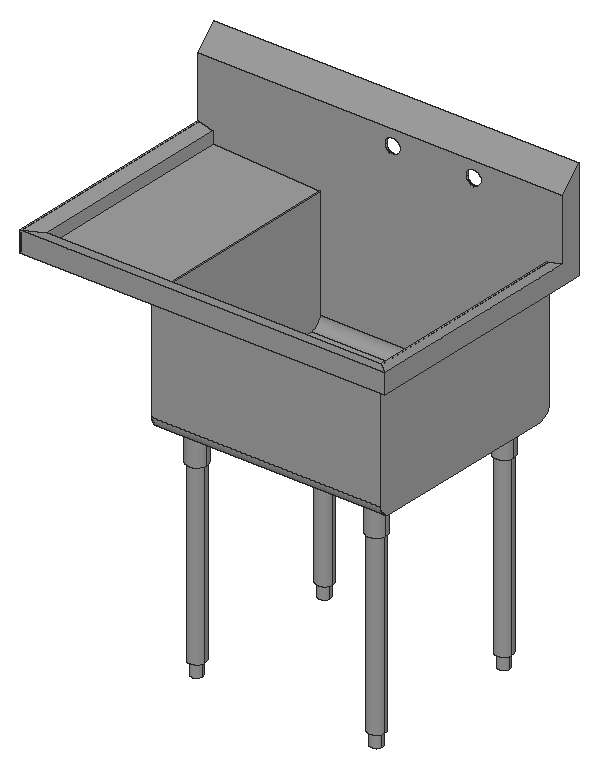
Revit family "equip-sink-elkay-weldbilt-S-DB-L", category Plumbing Fixtures, Revit 2019
Family settings
  Round Connector Dimension = Use Diameter
  Part Type = Normal
  Work Plane-Based = No
  Always vertical = Yes
  Cut with Voids When Loaded = No
  Shared = No
  Room Calculation Point = No
Parameters (values of type "ByType")
  Width = 2' - 0"
  URL = "http://www.elkayusa.com/cps/rde/xchg/elkay/hs.xsl/Default.aspx"
  Specification URL = "http://www.elkayusa.com/cps/rde/xbcr/elkay/04-05H_WELDBILT_SINGLE_SCULLERY.pdf"
  Model Number = ""
  Model = "Weldbilt"
  Manufacturer = "Elkay Manufacturer"
  Length = 3' - 0"
  Installation URL = "http://www.elkayusa.com/cps/rde/xbcr/elkay/74180084.pdf"
  Hidden Width = if(Compartment Width > 0' 11", Width, (Backsplash Width + Sink Rim Front Width + Compartment Width))  # 2' - 0"
  Sink Material = Metal - Steel - Stainless - Chrome
  Hidden Drainboard Left = if(Drainboard Left > 0' 2", Drainboard Left, 0' 2")  # 1' - 0"
  Hidden Compartment Length = Length - Drainboard Left  # 2' - 0"
  Drainboard Left = 1' - 0"
  Sink Rim Side Left Width = 0' - 1 1/2"  # constant formula
  Hidden Compartment Width = Width - Sink Rim Front Width - Backsplash Width  # 1' - 8 1/2"
  Description = "Weldbilt Single Compartment Scullery Sinks, Left Drainboard"
  Compartment Length = if(Hidden Compartment Length > 0' 8 1/2", Hidden Compartment Length, 0' 8 1/2")  # 2' - 0"
  Hidden Length = if(Compartment Length > 0' 8 1/2", Length, (Drainboard Left + Compartment Length))  # 3' - 0"
  Sink Rim Side Right Width = 0' - 1 1/2"  # constant formula
  Sink Rim Front Width = 0' - 1 1/2"  # constant formula
  Backsplash Width = 0' - 2"  # constant formula
  Sink Drain Location = Compartment Width / 2  # 0' - 10 1/4"
  Compartment Depth = 1' - 2"
  Compartment Width = if(Hidden Compartment Width > 0' 11", Hidden Compartment Width, 0' 11")  # 1' - 8 1/2"
  Rim Height = 3' - 0"
  Hole 1 to 2 = 0' - 8"
  Hole 1 From CL = 0' - 4"
  Faucet CL from Top Backsplash = 0' - 3 1/2"
  Backsplash Height = 0' - 8"
Reference planes (in)
  plane 1 "CL Sink Hole": y = 0
  plane 2 "Bottom": z = 0
  plane 3 "Compartment Center": x = 0
  plane 4 "Basin Edge Left": x = -11.25
  plane 5 "Basin Edge Right": x = 11.25
  plane 6 "Basin Edge Back": y = 10.25
  plane 7 "Basin Edge Front": y = -10.25
  plane 8 "Left": x = -23.25
  plane 9 "Right": x = 12.75
  plane 10 "Back": y = 12.25
  plane 11 "Front": y = -11.75
  plane 12 "Sink Bowl Bottom (Top Face)": z = 22
  plane 13 "Sink Bowl Bottom (Bottom Face)": z = 21.875
  plane 14 "Sink Bottom Piece Back Edge": y = 9.25
  plane 15 "Sink Bottom Piece Front Edge": y = -9.25
  plane 16 "Center (Front/Back)": y = 0
  plane 17 "Sink Rim Top": z = 36
  plane 18 "Sink Bowl Bottom Radius Top Tangent": z = 23
  plane 19 "Sink Rim Inside Lower Edge": z = 35.59808
  plane 20: z = 44
  plane 21 "Backsplash Angle": z = 42
  plane 22 "Backsplash Side Piece Front": y = 10.375
  plane 23 "Backsplash Side Piece Top": z = 43.82322
  plane 24 "Backsplash Side Piece Angle": z = 41.94822
  plane 25 "Backsplash Side Piece Bottom": z = 34
  plane 26 "Backsplash Side Right Piece Inside Edge": x = 12.6875
  plane 27 "Backsplash Side Left Piece Inside Edge": x = -23.1875
  plane 28 "Basin Edge Right Outside Face": x = 11.3125
  plane 29 "Basin Edge Left Outside Face": x = -11.3125
  plane 30 "Faucet Hole CL Elev": z = 40.5
  plane 31 "CL Faucet Hole Left": x = -4
  plane 32 "CL Faucet Hole Right": x = 4
  plane 33 "Leg Left CL": x = -8.875
  plane 34 "Leg Front CL": y = -7.875
  plane 35: z = 18.825
  plane 36: z = 1.3125
  plane 37 "Leg Right CL": x = 8.875
  plane 38 "Leg Back CL": y = 7.875
  plane 39 "Drainboard Lower Top Face": z = 34
  plane 40 "Drainboard Upper Top Face": z = 34.5
  plane 41: x = -21.75
  plane 42 "Center (Left/Right)": x = -5.25
  plane 43 "Basin Edge Back Outside": y = 10.375
  plane 44 "Basin Edge Front Outside": y = -10.375
Forms (in)
  Sweep 1, solid, material "Metal - Steel - Stainless - Chrome" <- "Sink Material"
    path origin (0, 0, 36) x (0, -1, 0) y (1, 0, 0)
      loop
        line (-10.25, 12.75) -> (11.75, 12.75) -> (11.75, -11.25)
    profile "profile-weldbilt-rim : profile-weldbilt-rim" origin (0.75, -11.75, 36) x (0, -1, 0) y (0, 0, 1)
      loop
        line (-1.5, -0.40192) -> (-1.41389, -0.45164) -> (-0.07031, -0.09163) -> (-0.07031, -1.94605) -> (-0.42259, -2.04044) -> (-0.42259, -2.11323) -> (0, -2) -> (0, 0) -> (-1.5, -0.40192)
  Extrusion 2, solid, material "Metal - Steel - Stainless - Chrome" <- "Sink Material"
    sketch origin (0, 0, 0) x (0, 1, 0) y (0, 0, 1)
      loop
        line (-10.375, 35.59808) -> (-10.375, 23)
        arc (-10.375, 23) -> (-10.0455, 22.2045) -> (-9.25, 21.875) r 1.125
        line (-9.25, 21.875) -> (9.25, 21.875)
        arc (9.25, 21.875) -> (10.0455, 22.2045) -> (10.375, 23) r 1.125
        line (10.375, 23) -> (10.375, 34) -> (10.25, 34) -> (10.25, 23)
        arc (10.25, 23) -> (9.95711, 22.29289) -> (9.25, 22) r 1
        line (9.25, 22) -> (-9.25, 22)
        arc (-9.25, 22) -> (-9.95711, 22.29289) -> (-10.25, 23) r 1
        line (-10.25, 23) -> (-10.25, 35.59808) -> (-10.375, 35.59808)
    from -11.25 to 11.25
  Extrusion 3, solid, material "Metal - Steel - Stainless - Chrome" <- "Sink Material"
    sketch origin (0, 0, 0) x (0, 1, 0) y (0, 0, 1)
      loop
        line (10.25, 42) -> (10.25, 34) -> (10.375, 34) -> (10.375, 41.94822) -> (12.25, 43.82322) -> (12.25, 44) -> (10.25, 42)
    from -23.25 to 12.75
  Extrusion 4, solid, material "Metal - Steel - Stainless - Chrome" <- "Sink Material"
    sketch origin (12.75, 0, 0) x (0, 1, 0) y (0, 0, 1)
      loop
        line (12.25, 43.82322) -> (10.375, 41.94822) -> (10.375, 34) -> (12.25, 34) -> (12.25, 43.82322)
    from -0.0625 to 0
  Extrusion 5, solid, material "Metal - Steel - Stainless - Chrome" <- "Sink Material"
    sketch origin (-18, 0, 0) x (0, 1, 0) y (0, 0, 1)
      loop
        line (12.25, 43.82322) -> (10.375, 41.94822) -> (10.375, 34) -> (12.25, 34) -> (12.25, 43.82322)
    from -5.25 to -5.1875
  Extrusion 6, solid, material "Metal - Steel - Stainless - Chrome" <- "Sink Material"
    sketch origin (11.25, 0, 0) x (0, 1, 0) y (0, 0, 1)
      loop
        line (-10.375, 35.59808) -> (-10.375, 23)
        arc (-10.375, 23) -> (-10.0455, 22.2045) -> (-9.25, 21.875) r 1.125
        line (-9.25, 21.875) -> (9.25, 21.875)
        arc (9.25, 21.875) -> (10.0455, 22.2045) -> (10.375, 23) r 1.125
        line (10.375, 23) -> (10.375, 35.59808) -> (-10.375, 35.59808)
    from 0 to 0.0625
  Extrusion 7, solid, material "Metal - Steel - Stainless - Chrome" <- "Sink Material"
    sketch origin (-11.25, 0, 0) x (0, 1, 0) y (0, 0, 1)
      loop
        line (10.375, 34) -> (-10.375, 34) -> (-10.375, 23)
        arc (-10.375, 23) -> (-10.0455, 22.2045) -> (-9.25, 21.875) r 1.125
        line (-9.25, 21.875) -> (9.25, 21.875)
        arc (9.25, 21.875) -> (10.0455, 22.2045) -> (10.375, 23) r 1.125
        line (10.375, 23) -> (10.375, 34)
    from -0.0625 to 0
  Extrusion 8, void
    sketch origin (0, 0, 0) x (1, 0, 0) y (0, 0, 1)
      loop
        circle (-4, 40.5) r 0.75
    from -10.375 to -10.25
  Extrusion 9, void
    sketch origin (0, 0, 0) x (1, 0, 0) y (0, 0, 1)
      loop
        circle (4, 40.5) r 0.75
    from -10.375 to -10.25
  Extrusion 10, void
    sketch origin (-45.27944, 78.60934, 0) x (1, 0, 0) y (0, 1, 0)
      loop
        circle (45.27944, -78.60934) r 2.375
    from 21.875 to 22
  Revolve 11, solid, material "Metal - Steel - Stainless - Chrome" <- "Sink Material"
    sketch origin (0, -7.875, 0) x (-1, 0, 0) y (0, 0, 1)
      loop
        line (9.6875, 18.825) -> (9.845, 18.825) -> (9.845, 21.875) -> (8.875, 21.875) -> (8.875, 0) -> (9.4375, 0) -> (9.4375, 1.3125) -> (9.6875, 1.3125) -> (9.6875, 18.825)
      axis (8.875, 21.875) -> (8.875, 0)
    angle from 0 to 360
  Revolve 12, solid, material "Metal - Steel - Stainless - Chrome" <- "Sink Material"
    sketch origin (0, -7.875, 0) x (-1, 0, 0) y (0, 0, 1)
      loop
        line (-9.6875, 18.825) -> (-9.6875, 1.3125) -> (-9.4375, 1.3125) -> (-9.4375, 0) -> (-8.875, 0) -> (-8.875, 21.875) -> (-9.845, 21.875) -> (-9.845, 18.825) -> (-9.6875, 18.825)
      axis (-8.875, 21.875) -> (-8.875, 0)
    angle from 0 to 360
  Revolve 13, solid, material "Metal - Steel - Stainless - Chrome" <- "Sink Material"
    sketch origin (0, 7.875, 0) x (-1, 0, 0) y (0, 0, 1)
      loop
        line (-9.6875, 18.825) -> (-9.6875, 1.3125) -> (-9.4375, 1.3125) -> (-9.4375, 0) -> (-8.875, 0) -> (-8.875, 21.875) -> (-9.845, 21.875) -> (-9.845, 18.825) -> (-9.6875, 18.825)
      axis (-8.875, 21.875) -> (-8.875, 0)
    angle from 0 to 360
  Revolve 14, solid, material "Metal - Steel - Stainless - Chrome" <- "Sink Material"
    sketch origin (0, 7.875, 0) x (-1, 0, 0) y (0, 0, 1)
      loop
        line (8.0625, 18.825) -> (8.0625, 1.3125) -> (8.3125, 1.3125) -> (8.3125, 0) -> (8.875, 0) -> (8.875, 21.875) -> (7.905, 21.875) -> (7.905, 18.825) -> (8.0625, 18.825)
      axis (8.875, 21.875) -> (8.875, 0)
    angle from 0 to 360
  Sweep 15, solid, material "Metal - Steel - Stainless - Chrome" <- "Sink Material"
    path origin (0, 0, 22) x (-1, 0, 0) y (0, -1, 0)
      loop
        circle (0, 0) r 2.375
    profile "profile-elkay-sink-hole-1 : profile-elkay-sink-hole-1" origin (0, -2.375, 22) x (0, 1, 0) y (0, 0, 1)
      loop
        arc (0.10775, -0.05529) -> (0.06053, -0.01467) -> (0, 0) r 0.133
        line (0, 0) -> (0, -0.07422)
        arc (0, -0.07422) -> (0.0267, -0.08072) -> (0.04752, -0.09865) r 0.05878
        line (0.04752, -0.09865) -> (0.12152, -0.20143) -> (0.5715, -0.40832) -> (0.5715, -0.32577) -> (0.16939, -0.14089) -> (0.10775, -0.05529)
  Extrusion 16, solid, material "Metal - Steel - Stainless - Chrome" <- "Sink Material"
    sketch origin (0, 0, 0) x (1, 0, 0) y (0, 0, 1)
      loop
        line (-21.75, 34.5) -> (-21.75, 34.4257) -> (-11.25, 33.9257) -> (-11.25, 34) -> (-21.75, 34.5)
    from -10.25 to 10.25
  Sweep 17, solid, material "Metal - Steel - Stainless - Chrome" <- "Sink Material"
    path origin (0, 0, 36) x (0, -1, 0) y (1, 0, 0)
      loop
        line (-10.25, -23.25) -> (11.75, -23.25) -> (11.75, -11.25)
    profile "profile-weldbilt-rim-db : profile-weldbilt-rim-db" origin (-23.25, -0.75, 36) x (1, 0, 0) y (0, 0, 1)
      loop
        line (1.5, -0.40192) -> (0, 0) -> (0, -2) -> (0.42259, -2.11323) -> (0.42259, -2.04044) -> (0.07031, -1.94605) -> (0.07031, -0.09163) -> (1.4375, -0.45797) -> (1.4375, -2) -> (1.5, -2) -> (1.5, -0.40192)
Cuts and joins
  Extrusion 10 cuts Extrusion 2
  Extrusion 8, Extrusion 9 cuts Extrusion 3
  Extrusion 10 cuts Extrusion 6
  joined: Sweep 1, Extrusion 2, Extrusion 3, Extrusion 4, Extrusion 5, Extrusion 6, Extrusion 7, Sweep 17
Lines and regions (in)
  Masking region 1
    outline origin (0, 0, 0) x (1, 0, 0) y (0, 1, 0)
      loop
        line (-23.25, 12.25) -> (-23.25, -11.75) -> (12.75, -11.75) -> (12.75, 12.25) -> (-23.25, 12.25)
  reference lines
    curve 1: arc (0, -9.25, 22) -> (0, -9.95711, 22.29289) -> (0, -10.25, 23) r 1
    curve 2: arc (0, 10.25, 23) -> (0, 9.95711, 22.29289) -> (0, 9.25, 22) r 1
    curve 3: line (-8.875, -7.875, 21.875) -> (-8.875, -7.875, 0)
    curve 4: line (8.875, -7.875, 22) -> (8.875, -7.875, 0)
    curve 5: line (8.875, 7.875, 21.875) -> (8.875, 7.875, 0)
    curve 6: line (-8.875, 7.875, 21.875) -> (-8.875, 7.875, 0)
    curve 15: line (-11.25, 0, 34) -> (-21.75, 0, 34.5)
    curve 16: line (-11.25165, 0, 33.92578) -> (-21.75165, 0, 34.42578)
    curve 18: arc (0, -9.25, 21.875) -> (0, -10.0455, 22.2045) -> (0, -10.375, 23) r 1.125
    curve 19: arc (0, 10.375, 23) -> (0, 10.0455, 22.2045) -> (0, 9.25, 21.875) r 1.125
  symbolic lines
    curve 7: line (-23.25, 10.25, 0) -> (12.75, 10.25, 0)
    curve 8: line (-11.25, -10.25, 0) -> (-11.25, 10.25, 0)
    curve 9: line (11.25, -10.25, 0) -> (-21.75, -10.25, 0)
    curve 10: line (11.25, 10.25, 0) -> (11.25, -10.25, 0)
    curve 11: circle (0, 0, 0) r 2.375 normal (0, 0, 1)
    curve 12: line (-21.75, -10.25, 0) -> (-23.25, -11.75, 0)
    curve 13: line (12.75, -11.75, 0) -> (11.25, -10.25, 0)
    curve 14: circle (0, 0, 0) r 1.75 normal (0, 0, 1)
    curve 17: line (-21.75, 10.25, 0) -> (-21.75, -10.25, 0)
Dimensions and locks (in)
  equal spacing: plane 4 "Basin Edge Left", plane 3 "Compartment Center", plane 5 "Basin Edge Right"
  "Hidden Drainboard Left": plane 8 "Left" to plane 4 "Basin Edge Left"
  "Sink Rim Side Right Width": plane 5 "Basin Edge Right" to plane 9 "Right"
  "Hidden Length": plane 8 "Left" to plane 9 "Right"
  "Sink Drain Location": plane 6 "Basin Edge Back" to plane 1 "CL Sink Hole"
  "Backsplash Width": plane 10 "Back" to plane 6 "Basin Edge Back"
  "Sink Rim Front Width": plane 7 "Basin Edge Front" to plane 11 "Front"
  "Hidden Width": plane 10 "Back" to plane 11 "Front"
  locked: plane 15 "Sink Bottom Piece Front Edge" to plane 7 "Basin Edge Front" at 1
  locked: plane 6 "Basin Edge Back" to plane 14 "Sink Bottom Piece Back Edge" at 1
  plane 6 "Basin Edge Back" to plane 7 "Basin Edge Front" = 1' - 8 1/2"
  equal spacing: plane 6 "Basin Edge Back", plane 16 "Center (Front/Back)", plane 7 "Basin Edge Front"
  "Compartment Depth": plane 17 "Sink Rim Top" to plane 12 "Sink Bowl Bottom (Top Face)"
  "Rim Height": plane 17 "Sink Rim Top" to plane 2 "Bottom"
  locked: plane 18 "Sink Bowl Bottom Radius Top Tangent" to plane 12 "Sink Bowl Bottom (Top Face)" at 1
  locked: plane 17 "Sink Rim Top" to plane 19 "Sink Rim Inside Lower Edge" at 0.40192
  "Backsplash Height": plane 20 to plane 17 "Sink Rim Top"
  locked: plane 20 to plane 21 "Backsplash Angle" at 2
  locked: plane 20 to plane 23 "Backsplash Side Piece Top" at 0.17678
  locked: plane 6 "Basin Edge Back" to plane 22 "Backsplash Side Piece Front" at 0.125
  locked: plane 21 "Backsplash Angle" to plane 24 "Backsplash Side Piece Angle" at 0.05178
  locked: plane 26 "Backsplash Side Right Piece Inside Edge" to plane 9 "Right" at 0.0625
  locked: plane 8 "Left" to plane 27 "Backsplash Side Left Piece Inside Edge" at 0.0625
  locked: plane 5 "Basin Edge Right" to plane 28 "Basin Edge Right Outside Face" at 0.0625
  plane 29 "Basin Edge Left Outside Face" to plane 4 "Basin Edge Left" = 0' - 0 1/16"
  locked: plane 17 "Sink Rim Top" to plane 25 "Backsplash Side Piece Bottom" at 2
  locked: plane 34 "Leg Front CL" to plane 7 "Basin Edge Front" at 2.375
  locked: plane 4 "Basin Edge Left" to plane 33 "Leg Left CL" at 2.375
  "Hole 1 From CL": plane 31 "CL Faucet Hole Left" to plane 3 "Compartment Center"
  "Hole 1 to 2": plane 31 "CL Faucet Hole Left" to plane 32 "CL Faucet Hole Right"
  locked: plane 12 "Sink Bowl Bottom (Top Face)" to plane 13 "Sink Bowl Bottom (Bottom Face)" at 0.125
  locked: plane 12 "Sink Bowl Bottom (Top Face)" to plane 35 at 3.175
  locked: plane 36 to plane 2 "Bottom" at 1.3125
  "Faucet CL from Top Backsplash": plane 20 to plane 30 "Faucet Hole CL Elev"
  locked: plane 37 "Leg Right CL" to plane 5 "Basin Edge Right" at 2.375
  locked: plane 6 "Basin Edge Back" to plane 38 "Leg Back CL" at 2.375
  locked: plane 17 "Sink Rim Top" to plane 40 "Drainboard Upper Top Face" at 1.5
  locked: plane 17 "Sink Rim Top" to plane 39 "Drainboard Lower Top Face" at 2
  "Sink Rim Side Left Width": plane 8 "Left" to plane 41
  equal spacing: plane 8 "Left", plane 42 "Center (Left/Right)", plane 9 "Right"
  locked: plane 6 "Basin Edge Back" to plane 43 "Basin Edge Back Outside" at 0.125
  locked: plane 44 "Basin Edge Front Outside" to plane 7 "Basin Edge Front" at 0.125
  locked: plane 10 "Back" to nested 1 at 1
  locked: nested 1 to plane 9 "Right" at 4
  aligned and locked: Extrusion 2 sketch curve to plane 6 "Basin Edge Back"
  aligned and locked: Extrusion 2 sketch curve to curve 2
  aligned and locked: Extrusion 2 sketch curve to curve 1
  aligned and locked: plane 5 "Basin Edge Right" to Extrusion 2
  aligned and locked: Extrusion 2 to plane 4 "Basin Edge Left"
  aligned and locked: Extrusion 2 sketch curve to plane 19 "Sink Rim Inside Lower Edge"
  aligned and locked: Extrusion 3 sketch curve to plane 10 "Back"
  aligned and locked: Extrusion 3 sketch curve to plane 6 "Basin Edge Back"
  aligned and locked: plane 9 "Right" to Extrusion 3
  aligned and locked: Extrusion 3 to plane 8 "Left"
  aligned and locked: plane 10 "Back" to Extrusion 4 sketch curve
  aligned and locked: Extrusion 4 sketch curve to plane 25 "Backsplash Side Piece Bottom"
  aligned and locked: Extrusion 4 sketch curve to plane 22 "Backsplash Side Piece Front"
  aligned and locked: Extrusion 4 to plane 26 "Backsplash Side Right Piece Inside Edge"
  aligned and locked: plane 9 "Right" to Extrusion 4
  aligned and locked: Extrusion 5 sketch curve to plane 10 "Back"
  aligned and locked: plane 22 "Backsplash Side Piece Front" to Extrusion 5 sketch curve
  aligned and locked: plane 25 "Backsplash Side Piece Bottom" to Extrusion 5 sketch curve
  aligned and locked: plane 27 "Backsplash Side Left Piece Inside Edge" to Extrusion 5
  aligned and locked: Extrusion 5 to plane 8 "Left"
  aligned and locked: Extrusion 6 to plane 5 "Basin Edge Right"
  aligned and locked: plane 28 "Basin Edge Right Outside Face" to Extrusion 6
  aligned and locked: Extrusion 7 to plane 29 "Basin Edge Left Outside Face"
  aligned and locked: plane 4 "Basin Edge Left" to Extrusion 7
  aligned and locked: plane 22 "Backsplash Side Piece Front" to Extrusion 9
  aligned and locked: Extrusion 9 to plane 6 "Basin Edge Back"
  aligned and locked: plane 22 "Backsplash Side Piece Front" to Extrusion 8
  aligned: Extrusion 8 to plane 14 "Sink Bottom Piece Back Edge"
  aligned and locked: Extrusion 8 to plane 6 "Basin Edge Back"
  aligned and locked: plane 12 "Sink Bowl Bottom (Top Face)" to Extrusion 10
  aligned and locked: Extrusion 10 to plane 13 "Sink Bowl Bottom (Bottom Face)"
  aligned and locked: Revolve 11 sketch curve to plane 13 "Sink Bowl Bottom (Bottom Face)"
  aligned and locked: Revolve 11 sketch curve to curve 3
  aligned and locked: curve 4 to plane 37 "Leg Right CL"
  aligned and locked: plane 12 "Sink Bowl Bottom (Top Face)" to curve 4
  aligned and locked: plane 2 "Bottom" to curve 4
  aligned and locked: Revolve 12 sketch curve to plane 36
  aligned and locked: Revolve 12 sketch curve to plane 35
  aligned and locked: plane 2 "Bottom" to Revolve 12 sketch curve  (x3)
  aligned and locked: plane 13 "Sink Bowl Bottom (Bottom Face)" to Revolve 12 sketch curve  (x2)
  aligned and locked: curve 4 to Revolve 12 sketch curve  (x2)
  aligned and locked: Revolve 13 sketch curve to plane 2 "Bottom"
  aligned and locked: plane 36 to Revolve 13 sketch curve
  aligned and locked: plane 35 to Revolve 13 sketch curve
  aligned and locked: Revolve 13 sketch curve to plane 13 "Sink Bowl Bottom (Bottom Face)"
  aligned and locked: plane 37 "Leg Right CL" to Revolve 13 sketch curve
  aligned and locked: Revolve 13 sketch curve to curve 5
  aligned and locked: Revolve 14 sketch curve to plane 2 "Bottom"
  aligned and locked: plane 36 to Revolve 14 sketch curve
  aligned and locked: plane 35 to Revolve 14 sketch curve
  aligned and locked: Revolve 14 sketch curve to plane 13 "Sink Bowl Bottom (Bottom Face)"
  aligned and locked: plane 33 "Leg Left CL" to Revolve 14 sketch curve
  aligned and locked: plane 2 "Bottom" to Revolve 14 sketch curve
  aligned and locked: Revolve 14 sketch curve to plane 33 "Leg Left CL"
  aligned and locked: Masking region 1 sketch curve to plane 10 "Back"
  aligned and locked: plane 8 "Left" to Masking region 1 sketch curve
  aligned and locked: Masking region 1 sketch curve to plane 9 "Right"
  aligned and locked: plane 11 "Front" to Masking region 1 sketch curve
  aligned and locked: plane 7 "Basin Edge Front" to curve 9
  aligned and locked: plane 4 "Basin Edge Left" to curve 8
  aligned and locked: curve 7 to plane 6 "Basin Edge Back"
  aligned and locked: plane 8 "Left" to curve 7
  aligned and locked: plane 9 "Right" to curve 7
  aligned and locked: Extrusion 2 sketch curve to plane 39 "Drainboard Lower Top Face"
  aligned and locked: Extrusion 3 sketch curve to plane 39 "Drainboard Lower Top Face"
  aligned and locked: Extrusion 7 sketch curve to plane 39 "Drainboard Lower Top Face"
  aligned and locked: plane 41 to Extrusion 16 sketch curve
  aligned and locked: Extrusion 16 sketch curve to plane 4 "Basin Edge Left"
  aligned and locked: Extrusion 16 sketch curve to curve 15
  aligned and locked: Extrusion 16 sketch curve to curve 16
  aligned and locked: plane 6 "Basin Edge Back" to Extrusion 16
  aligned and locked: Extrusion 16 to plane 7 "Basin Edge Front"
  aligned and locked: plane 4 "Basin Edge Left" to Sweep 1 sketch curve
  aligned and locked: Sweep 17 sketch curve to plane 11 "Front"
  aligned and locked: Sweep 17 sketch curve to plane 8 "Left"
  aligned and locked: plane 6 "Basin Edge Back" to Sweep 17 sketch curve
  aligned and locked: plane 4 "Basin Edge Left" to Sweep 17 sketch curve
  aligned and locked: Sweep 1 sketch curve to plane 9 "Right"
  aligned and locked: plane 11 "Front" to Sweep 1 sketch curve
  aligned and locked: plane 6 "Basin Edge Back" to Sweep 1 sketch curve
  aligned and locked: Extrusion 6 sketch curve to plane 19 "Sink Rim Inside Lower Edge"
  aligned and locked: Extrusion 7 sketch curve to plane 44 "Basin Edge Front Outside"
  aligned and locked: Extrusion 7 sketch curve to plane 43 "Basin Edge Back Outside"
  aligned and locked: Extrusion 7 sketch curve to curve 18
  aligned and locked: Extrusion 7 sketch curve to curve 19
  aligned and locked: Extrusion 6 sketch curve to plane 44 "Basin Edge Front Outside"
  aligned and locked: Extrusion 6 sketch curve to plane 43 "Basin Edge Back Outside"
  aligned and locked: Extrusion 6 sketch curve to curve 19
  aligned and locked: Extrusion 6 sketch curve to curve 18
Automatic sketch dimensions
  Extrusion 2 sketch curve to Extrusion 2 sketch curve = 0' - 0"  (x4)
  Extrusion 2 sketch curve to plane 22 "Backsplash Side Piece Front" = 0' - 0"
  Extrusion 3 sketch curve to plane 22 "Backsplash Side Piece Front" = 0' - 0"
  Extrusion 3 sketch curve to plane 24 "Backsplash Side Piece Angle" = 0' - 0"
  Extrusion 3 sketch curve to plane 21 "Backsplash Angle" = 0' - 0"
  Extrusion 3 sketch curve to plane 23 "Backsplash Side Piece Top" = 0' - 0"
  Extrusion 3 sketch curve to plane 20 = 0' - 0"
  Extrusion 4 sketch curve to plane 24 "Backsplash Side Piece Angle" = 0' - 0"
  Extrusion 4 sketch curve to plane 23 "Backsplash Side Piece Top" = 0' - 0"
  Extrusion 5 sketch curve to plane 24 "Backsplash Side Piece Angle" = 0' - 0"
  Extrusion 5 sketch curve to plane 23 "Backsplash Side Piece Top" = 0' - 0"
  Extrusion 8 sketch curve to plane 30 "Faucet Hole CL Elev" = 0' - 0"
  Extrusion 8 sketch curve to plane 31 "CL Faucet Hole Left" = 0' - 0"
  Extrusion 9 sketch curve to plane 30 "Faucet Hole CL Elev" = 0' - 0"
  Extrusion 9 sketch curve to plane 32 "CL Faucet Hole Right" = 0' - 0"
  Extrusion 10 sketch curve to plane 1 "CL Sink Hole" = 0' - 0"
  plane 3 "Compartment Center" to Extrusion 10 sketch curve = 0' - 0"
  curve 3 to level = 0' - 0"
  curve 3 to plane 33 "Leg Left CL" = 0' - 0"
  curve 3 to plane 13 "Sink Bowl Bottom (Bottom Face)" = 0' - 0"
  Revolve 11 sketch curve to plane 33 "Leg Left CL" = 0' - 0"
  Revolve 11 sketch curve to level = 0' - 0"  (x2)
  Revolve 11 sketch curve to plane 36 = 0' - 0"
  Revolve 11 sketch curve to plane 35 = 0' - 0"
  Revolve 11 sketch curve to plane 13 "Sink Bowl Bottom (Bottom Face)" = 0' - 0"
  Revolve 11 sketch curve to Revolve 11 sketch curve = 0' - 0 9/16"
  Revolve 11 sketch curve to Revolve 11 sketch curve = 0' - 0 1/4"
  Revolve 11 sketch curve to Revolve 11 sketch curve = 0' - 0.1575"
  plane 37 "Leg Right CL" to Revolve 12 sketch curve = 0' - 0 9/16"
  plane 37 "Leg Right CL" to Revolve 12 sketch curve = 0' - 0 13/16"
  Revolve 12 sketch curve to Revolve 12 sketch curve = 0' - 0.1575"
  curve 5 to level = 0' - 0"
  curve 5 to plane 37 "Leg Right CL" = 0' - 0"
  curve 5 to plane 13 "Sink Bowl Bottom (Bottom Face)" = 0' - 0"
  Revolve 13 sketch curve to level = 0' - 0"
  Revolve 13 sketch curve to plane 13 "Sink Bowl Bottom (Bottom Face)" = 0' - 0"
  plane 37 "Leg Right CL" to Revolve 13 sketch curve = 0' - 0 9/16"
  Revolve 13 sketch curve to Revolve 13 sketch curve = 0' - 0 1/4"
  Revolve 13 sketch curve to Revolve 13 sketch curve = 0' - 0.97"
  Revolve 14 sketch curve to plane 13 "Sink Bowl Bottom (Bottom Face)" = 0' - 0"
  plane 33 "Leg Left CL" to Revolve 14 sketch curve = 0' - 0 9/16"
  Revolve 14 sketch curve to Revolve 14 sketch curve = 0' - 0 1/4"
  Revolve 14 sketch curve to Revolve 14 sketch curve = 0' - 0.97"
  curve 6 to level = 0' - 0"
  curve 6 to plane 33 "Leg Left CL" = 0' - 0"
  curve 6 to plane 13 "Sink Bowl Bottom (Bottom Face)" = 0' - 0"
  plane 1 "CL Sink Hole" to Sweep 15 sketch curve = 0' - 0"
  Sweep 15 sketch curve to plane 3 "Compartment Center" = 0' - 0"
  curve 15 to plane 4 "Basin Edge Left" = 0' - 0"
  curve 15 to plane 40 "Drainboard Upper Top Face" = 0' - 0"
  curve 15 to plane 41 = 0' - 0"
  curve 15 to plane 25 "Backsplash Side Piece Bottom" = 0' - 0"
  curve 16 to plane 4 "Basin Edge Left" = 0' - 0.00165"
  curve 16 to plane 41 = 0' - 0.00165"
  curve 11 to curve 14 = 0' - 0"  (x2)
  curve 12 to plane 8 "Left" = 0' - 0"
  curve 17 to plane 41 = 0' - 0"
  plane 1 "CL Sink Hole" to curve 14 = 0' - 0"
  curve 14 to plane 3 "Compartment Center" = 0' - 0"
  curve 10 to plane 5 "Basin Edge Right" = 0' - 0"
  curve 13 to plane 9 "Right" = 0' - 0"
  curve 13 to plane 11 "Front" = 0' - 0"
  curve 12 to plane 11 "Front" = 0' - 0"
  curve 9 to plane 26 "Backsplash Side Right Piece Inside Edge" = 0' - 1 7/16"
  curve 1 to curve 18 = 0' - 0"  (x2)
  curve 2 to curve 19 = 0' - 0"  (x2)
  curve 18 to plane 18 "Sink Bowl Bottom Radius Top Tangent" = 0' - 0"
  curve 18 to plane 44 "Basin Edge Front Outside" = 0' - 0"
  curve 1 to plane 7 "Basin Edge Front" = 0' - 0"
  curve 1 to plane 12 "Sink Bowl Bottom (Top Face)" = 0' - 0"
  curve 19 to plane 13 "Sink Bowl Bottom (Bottom Face)" = 0' - 0"
  curve 19 to plane 14 "Sink Bottom Piece Back Edge" = 0' - 0"
  curve 2 to plane 6 "Basin Edge Back" = 0' - 0"
  curve 19 to plane 18 "Sink Bowl Bottom Radius Top Tangent" = 0' - 0"
  curve 16 to plane 25 "Backsplash Side Piece Bottom" = 0' - 0 19/256"
  curve 16 to plane 40 "Drainboard Upper Top Face" = 0' - 0 19/256"
  radius of Extrusion 8 sketch curve = 0' - 0 3/4"
  radius of Extrusion 9 sketch curve = 0' - 0 3/4"
  radius of Extrusion 10 sketch curve = 0' - 2 3/8"
  radius of Sweep 15 sketch curve = 0' - 2 3/8"
  radius of curve 11 = 0' - 2 3/8"
  radius of curve 14 = 0' - 1 3/4"
Nested families (in)
  nested 1: "logo-elkay-detail" at (8.75, 11.25, 0), type "logo-elkay-detail"
Definition of nested family "logo-elkay-detail"
  Reference planes (in)
    plane 1 "Center (Front/Back)": y = 0
    plane 2: z = 0
    plane 3 "Center (Left/Right)": x = 0
  Lines and regions (in)
    detail lines, in view "Ref. Level"
      curve 1: line (-1.81545, 0.37736, 0) -> (-2.86608, 0.37736, 0)
      curve 2: line (-2.86608, 0.37736, 0) -> (-2.99916, -0.37736, 0)
      curve 3: line (-2.99916, -0.37736, 0) -> (-1.89769, -0.37736, 0)
      curve 4: line (-1.89769, -0.37736, 0) -> (-1.87836, -0.26772, 0)
      curve 5: line (-1.87836, -0.26772, 0) -> (-2.75664, -0.26772, 0)
      curve 6: line (-2.75664, -0.26772, 0) -> (-2.71915, -0.05507, 0)
      curve 7: line (-2.71915, -0.05507, 0) -> (-1.94254, -0.05507, 0)
      curve 8: line (-1.94254, -0.05507, 0) -> (-1.92312, 0.05507, 0)
      curve 9: line (-1.92312, 0.05507, 0) -> (-2.71407, 0.05507, 0)
      curve 10: line (-2.71407, 0.05507, 0) -> (-2.67657, 0.26772, 0)
      curve 11: line (-2.67657, 0.26772, 0) -> (-1.83479, 0.26772, 0)
      curve 12: line (-1.83479, 0.26772, 0) -> (-1.81545, 0.37736, 0)
      curve 13: line (-1.55864, -0.26772, 0) -> (-1.44489, 0.37736, 0)
      curve 14: line (-1.44489, 0.37736, 0) -> (-1.65384, 0.37736, 0)
      curve 15: line (-1.65384, 0.37736, 0) -> (-1.78692, -0.37736, 0)
      curve 16: line (-1.78692, -0.37736, 0) -> (-0.81843, -0.37736, 0)
      curve 17: line (-0.81843, -0.37736, 0) -> (-0.7991, -0.26772, 0)
      curve 18: line (-0.7991, -0.26772, 0) -> (-1.55864, -0.26772, 0)
      curve 19: line (-0.70839, -0.37736, 0) -> (-0.57531, 0.37736, 0)
      curve 20: line (-0.57531, 0.37736, 0) -> (-0.36636, 0.37736, 0)
      curve 21: line (-0.36636, 0.37736, 0) -> (-0.44053, -0.04327, 0)
      curve 22: line (-0.44053, -0.04327, 0) -> (0.30095, 0.37736, 0)
      curve 23: line (0.30095, 0.37736, 0) -> (0.59826, 0.37736, 0)
      curve 24: line (0.59826, 0.37736, 0) -> (0.025, 0.05216, 0)
      curve 25: line (0.025, 0.05216, 0) -> (0.49251, -0.37736, 0)
      curve 26: line (0.49251, -0.37736, 0) -> (0.1672, -0.37736, 0)
      curve 27: line (0.1672, -0.37736, 0) -> (-0.17613, -0.06193, 0)
      curve 28: line (-0.17613, -0.06193, 0) -> (-0.47357, -0.23067, 0)
      curve 29: line (-0.47357, -0.23067, 0) -> (-0.49944, -0.37736, 0)
      curve 30: line (-0.49944, -0.37736, 0) -> (-0.70839, -0.37736, 0)
      curve 31: line (1.55597, -0.12503, 0) -> (1.3377, 0.32386, 0)
      curve 32: line (1.3377, 0.32386, 0) -> (0.94493, -0.12503, 0)
      curve 33: line (0.94493, -0.12503, 0) -> (1.55597, -0.12503, 0)
      curve 34: line (1.55608, 0.37736, 0) -> (1.92307, -0.37736, 0)
      curve 35: line (1.92307, -0.37736, 0) -> (1.67867, -0.37736, 0)
      curve 36: line (1.67867, -0.37736, 0) -> (1.60734, -0.23067, 0)
      curve 37: line (1.60734, -0.23067, 0) -> (0.8525, -0.23067, 0)
      curve 38: line (0.8525, -0.23067, 0) -> (0.72414, -0.37736, 0)
      curve 39: line (0.72414, -0.37736, 0) -> (0.52921, -0.37736, 0)
      curve 40: line (0.52921, -0.37736, 0) -> (1.1896, 0.37736, 0)
      curve 41: line (1.1896, 0.37736, 0) -> (1.55608, 0.37736, 0)
      curve 42: line (1.98079, 0.37736, 0) -> (2.29994, 0.03841, 0)
      curve 43: line (2.29994, 0.03841, 0) -> (2.75395, 0.37736, 0)
      curve 44: line (2.75395, 0.37736, 0) -> (2.99916, 0.37736, 0)
      curve 45: line (2.99916, 0.37736, 0) -> (2.38123, -0.08397, 0)
      curve 46: line (2.38123, -0.08397, 0) -> (2.3295, -0.37736, 0)
      curve 47: line (2.3295, -0.37736, 0) -> (2.10632, -0.37736, 0)
      curve 48: line (2.10632, -0.37736, 0) -> (2.15092, -0.12442, 0)
      curve 49: line (2.15092, -0.12442, 0) -> (1.67845, 0.37736, 0)
      curve 50: line (1.67845, 0.37736, 0) -> (1.98079, 0.37736, 0)
